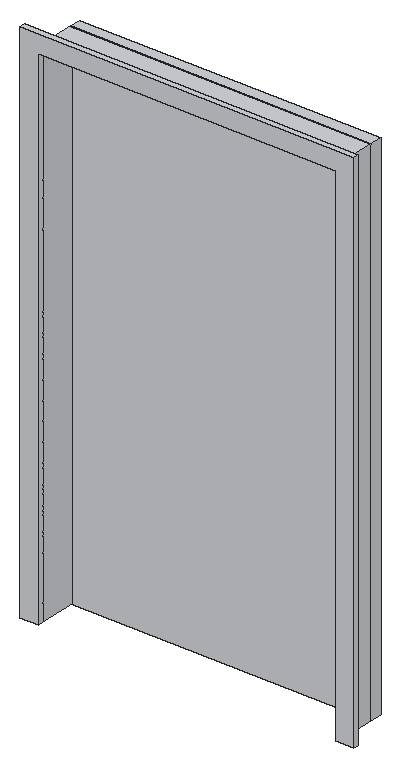
Revit family "SEQP_Elevator_Single Door HW", category Specialty Equipment, host Wall, Revit 2024
Family settings
  Host = Wall
  Round Connector Dimension = Use Diameter
  Part Type = Normal
  Enable Cutting in Views = No
  Always vertical = Yes
  Cut with Voids When Loaded = No
  Maintain Annotation Orientation = No
  Shared = No
  Room Calculation Point = No
Parameters (values of type "1250 x 2150")
  EA_Repath [instance] = 0 mm
  Default Elevation = 0 mm
  Assembly Code = "D1010"
  Door Finish = none
  Door Height = 2150 mm
  Door Width = 1250 mm
  Frame Finish = none
  Trim Projection = 25 mm
  Trim Width = 76 mm
Types (4, lengths in mm): name | Door Width
  1250 x 2150 | 1250
  915 x 2150 | 915
  815 x 2150 | 815
  1100 X 2150 | 1100
Reference planes
  plane 1: y = 0
  plane 2: x = -99.136
  plane 3: y = 76.2
  plane 4: z = 2175.4
  plane 5: x = 532.214
  plane 6: x = -730.486
  plane 7: x = -724.136
  plane 8: x = 525.864
  plane 9: z = 2150
Forms (mm)
  Extrusion 1, solid, material <- "Door Finish"
    sketch origin (0, 76.2, 0) x (1, 0, 0) y (0, 0, 1)
      loop
        line (-730.486, 2175.4) -> (-730.486, 0) -> (532.214, 0) -> (532.214, 2175.4) -> (-730.486, 2175.4)
    from 0 to -50.8
  Extrusion 2, solid, material <- "Frame Finish"
    sketch origin (-1524, -76.2, 0) x (1, 0, 0) y (0, 0, 1)
      loop
        line (799.864, 0) -> (799.864, 2150) -> (2049.864, 2150) -> (2049.864, 0) -> (2125.864, 0) -> (2125.864, 2226) -> (723.864, 2226) -> (723.864, 0) -> (799.864, 0)
    from 0 to 25
  Extrusion 3, solid, material <- "Frame Finish"
    sketch origin (-1524, -76.2, 0) x (1, 0, 0) y (0, 0, 1)
      loop
        line (799.864, 0) -> (799.864, 2150) -> (2049.864, 2150) -> (2049.864, 0) -> (2056.214, 0) -> (2056.214, 2175.4) -> (793.514, 2175.4) -> (793.514, 0) -> (799.864, 0)
    from 0 to -152.4
Lines and regions (mm)
  Opening 1
    outline origin (-1524, -76.2, 0) x (1, 0, 0) y (0, 0, 1)
      loop
        line (793.514, 2175.4) -> (793.514, 0) -> (2056.214, 0) -> (2056.214, 2175.4) -> (793.514, 2175.4)
Text (mm)
  text "Elevator Car" at (0, 405.104, 1238.445), in view "Right"
  text "Elevator Cab" at (0, 1206.291, 1331.035), in view "Left"
Dimensions and locks
  equal spacing: plane 7, plane 2, plane 8
  locked: plane 6 to plane 7 at 6.35
  locked: plane 8 to plane 5 at 6.35
  "Door Width": plane 7 to plane 8
  "Door Height": plane 9 to level
  locked: plane 4 to plane 9 at 25.4
  "Trim Projection": Extrusion 2 to host wall
  "Trim Width": Extrusion 2 sketch curve to plane 7
  "Trim Width": plane 8 to Extrusion 2 sketch curve
  "Trim Width": Extrusion 2 sketch curve to plane 9
  locked: Extrusion 1 to plane 3 at 50.8
  aligned and locked: plane 3 to host wall
  aligned and locked: Extrusion 3 to plane 3
  aligned and locked: Extrusion 1 sketch curve to plane 5
  aligned: host wall to plane 1  (x3)
Automatic sketch dimensions
  Extrusion 1 sketch curve to level = 0 mm
  Extrusion 1 sketch curve to plane 6 = 0 mm
  Extrusion 1 sketch curve to plane 4 = 0 mm
  Extrusion 2 sketch curve to level = 0 mm  (x2)
  Extrusion 2 sketch curve to plane 7 = 0 mm
  Extrusion 2 sketch curve to plane 8 = 0 mm
  Extrusion 2 sketch curve to plane 9 = 0 mm
  Extrusion 3 sketch curve to level = 0 mm  (x2)
  Extrusion 3 sketch curve to plane 6 = 0 mm
  Extrusion 3 sketch curve to plane 7 = 0 mm
  Extrusion 3 sketch curve to plane 8 = 0 mm
  Extrusion 3 sketch curve to plane 4 = 0 mm
  Extrusion 3 sketch curve to plane 5 = 0 mm
  Extrusion 3 sketch curve to plane 9 = 0 mm
  Opening 1 sketch curve to level = 0 mm
  Opening 1 sketch curve to plane 6 = 0 mm
  Opening 1 sketch curve to plane 5 = 0 mm
  Opening 1 sketch curve to plane 4 = 0 mm
